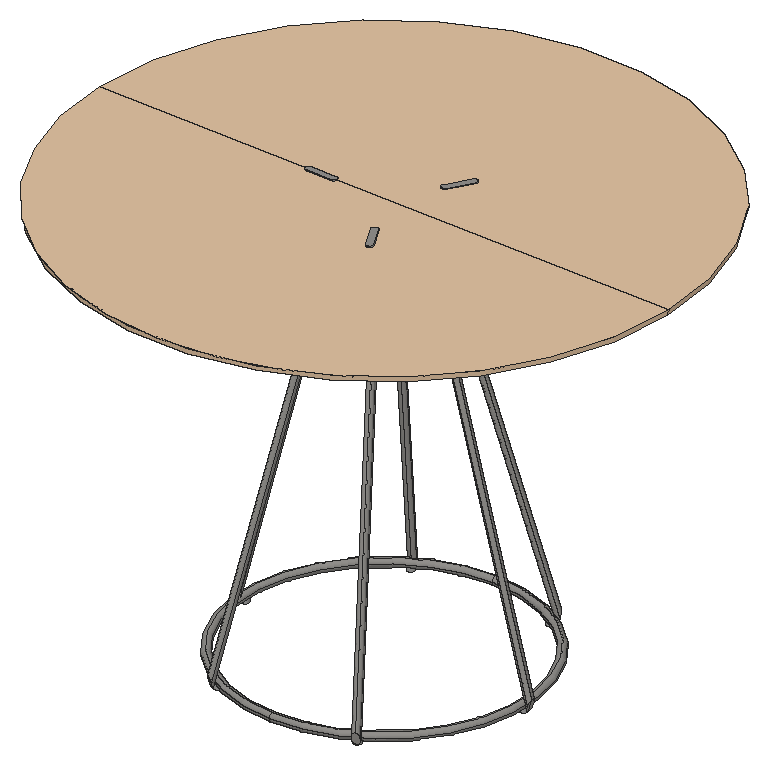
Revit family "Fu_Table_Sandler_Arc 90", category Furniture, Revit 2020
Family settings
  OmniClass Number = 23.40.20.00
  OmniClass Title = General Furniture and Specialties
  Work Plane-Based = No
  Always vertical = Yes
  Cut with Voids When Loaded = No
  Shared = No
  Room Calculation Point = No
Parameters (values of type "Arc 90")
  Width = 900 mm
  URL = "https://www.sandlerseating.com/product/arc-90/"
  Top [instance] = Wood - Oak - Natural - V
  Model = "Arc 90"
  Manufacturer = "Sandler"
  Height = 720 mm
  Frame [instance] = Lacquer - W2 - Rust Grey
  Description = "Round table with steel base and wood top in oak, walnut or lacquered finish. Top size 90 cm/36″ diameter, base spread 50 cm/20″ diameter."
  Depth = 900 mm
  Default Elevation = 0 mm
Reference planes
  plane 1 "Center (Front/Back)": y = 0
  plane 2: z = 0
  plane 3 "Center (Left/Right)": x = 0
  plane 4 "Right": x = -450
  plane 5 "Left": x = 450
  plane 6 "Back": y = 450
  plane 7 "Front": y = -450
  plane 8 "Height": z = 720
  plane 9 "Top Base": z = 696.838
  plane 10 "Base C FRONT": z = 13
Forms (mm)
  Revolve 1, solid, material "Wood - Oak - Natural - V" <- "Top"
    sketch origin (0, 0, 0) x (1, 0, 0) y (0, 0, 1)
      loop
        line (0, 720) -> (-500, 720) -> (-498.502, 711.622) -> (-476.346, 702.782) -> (-437.895, 696.838) -> (0, 696.838) -> (0, 720)
      axis (0, 720) -> (0, 696.838)
    angle from 0 to 360
  Extrusion 2, solid, material "Lacquer - W2 - Rust Grey" <- "Frame"
    sketch origin (0, 0, 696.838) x (-1, 0, 0) y (0, -1, 0)
      loop
        circle (0, 0) r 120
    from -6 to 0
  Extrusion 3, solid, material "Lacquer - W2 - Rust Grey" <- "Frame"
    sketch origin (0, 0, 696.838) x (-1, 0, 0) y (0, -1, 0)
      loop
        arc (132.178, -5.507) -> (137.685, 0) -> (132.178, 5.507) r 5.507
        line (132.178, 5.507) -> (89.123, 5.507)
        arc (89.123, 5.507) -> (83.616, 0) -> (89.123, -5.507) r 5.507
        line (89.123, -5.507) -> (132.178, -5.507)
    from 0 to 23.5
  Extrusion 4, solid, material "Lacquer - W2 - Rust Grey" <- "Frame"
    sketch origin (0, 0, 696.838) x (0.5, -0.866025, 0) y (0.866025, 0.5, 0)
      loop
        arc (132.178, -5.507) -> (137.685, 0) -> (132.178, 5.507) r 5.507
        line (132.178, 5.507) -> (89.123, 5.507)
        arc (89.123, 5.507) -> (83.616, 0) -> (89.123, -5.507) r 5.507
        line (89.123, -5.507) -> (132.178, -5.507)
    from 0 to 24
  Extrusion 5, solid, material "Lacquer - W2 - Rust Grey" <- "Frame"
    sketch origin (0, 0, 696.838) x (0.5, 0.866025, 0) y (-0.866025, 0.5, 0)
      loop
        arc (132.178, -5.507) -> (137.685, 0) -> (132.178, 5.507) r 5.507
        line (132.178, 5.507) -> (89.123, 5.507)
        arc (89.123, 5.507) -> (83.616, 0) -> (89.123, -5.507) r 5.507
        line (89.123, -5.507) -> (132.178, -5.507)
    from 0 to 23.5
  Sweep 6, solid, material "Lacquer - W2 - Rust Grey" <- "Frame"
    path origin (0, 0, 13) x (0, -1, 0) y (1, 0, 0)
      loop
        circle (0, 0) r 244.802
    profile "Pro_Circles : 14mm" origin (-244.802, 0, 13) x (-1, 0, 0) y (0, 0, 1)
      loop
        arc (-6.967, -1.933) -> (-4.994, -6.899) -> (-0.067, -8.967) r 6.901
        arc (-0.067, -8.967) -> (4.947, -6.947) -> (6.967, -1.933) r 6.902
        arc (6.967, -1.933) -> (4.899, 2.993) -> (-0.067, 4.967) r 6.901
        arc (-0.067, 4.967) -> (-4.946, 2.946) -> (-6.967, -1.933) r 6.9
  Sweep 7, solid, material "Lacquer - W2 - Rust Grey" <- "Frame"
    path origin (0, 0, 0) x (1, 0, 0) y (0, 0, 1)
      loop
        line (260.208, 0) -> (111.148, 537.607)
        arc (111.148, 537.607) -> (110.011, 543.132) -> (109.63, 548.76) r 41.743
        line (109.63, 548.76) -> (109.63, 693.76)
    profile "Pro_Circles : 12mm" origin (185.678, 0, 268.803) x (-0.963645, 0, -0.267186) y (0, -1, 0)
      loop
        arc (-5.967, 0.067) -> (-4.287, -4.192) -> (-0.067, -5.967) r 5.901
        arc (-0.067, -5.967) -> (4.24, -4.24) -> (5.967, 0.067) r 5.902
        arc (5.967, 0.067) -> (4.192, 4.286) -> (-0.067, 5.967) r 5.901
        arc (-0.067, 5.967) -> (-4.238, 4.238) -> (-5.967, 0.067) r 5.9
  Revolve 8, void
    sketch origin (0, 0, 0) x (1, 0, 0) y (0, 0, 1)
      loop
        line (260.156, 24.503) -> (254.541, 3.484) -> (252.558, 3.484) -> (252.558, -9.938) -> (268.678, -9.938) -> (268.678, 5.339) -> (260.156, 24.503)
      axis (0, 24.503) -> (0, -9.938)
    angle from 0 to 360
  Sweep 9, solid, material "Lacquer - W2 - Rust Grey" <- "Frame"
    path origin (0, 0, 0) x (-1, 0, 0) y (0, 0, 1)
      loop
        line (260.208, 0) -> (111.148, 537.607)
        arc (111.148, 537.607) -> (110.011, 543.132) -> (109.63, 548.76) r 41.743
        line (109.63, 548.76) -> (109.63, 693.76)
    profile "Pro_Circles : 12mm" origin (-185.678, 0, 268.803) x (-0.963645, 0, 0.267186) y (0, -1, 0)
      loop
        arc (5.967, 0.067) -> (4.238, 4.238) -> (0.067, 5.967) r 5.9
        arc (0.067, 5.967) -> (-4.192, 4.286) -> (-5.967, 0.067) r 5.901
        arc (-5.967, 0.067) -> (-4.24, -4.24) -> (0.067, -5.967) r 5.902
        arc (0.067, -5.967) -> (4.287, -4.192) -> (5.967, 0.067) r 5.901
  Sweep 10, solid, material "Lacquer - W2 - Rust Grey" <- "Frame"
    path origin (0, 0, 0) x (0.5, 0.866025, 0) y (0, 0, 1)
      loop
        line (260.208, 0) -> (111.148, 537.607)
        arc (111.148, 537.607) -> (110.011, 543.132) -> (109.63, 548.76) r 41.743
        line (109.63, 548.76) -> (109.63, 693.76)
    profile "Pro_Circles : 12mm" origin (92.839, 160.802, 268.803) x (-0.481822, -0.834541, -0.267186) y (0.866025, -0.5, 0)
      loop
        arc (-5.967, 0.067) -> (-4.287, -4.192) -> (-0.067, -5.967) r 5.901
        arc (-0.067, -5.967) -> (4.24, -4.24) -> (5.967, 0.067) r 5.902
        arc (5.967, 0.067) -> (4.192, 4.286) -> (-0.067, 5.967) r 5.901
        arc (-0.067, 5.967) -> (-4.238, 4.238) -> (-5.967, 0.067) r 5.9
  Sweep 11, solid, material "Lacquer - W2 - Rust Grey" <- "Frame"
    path origin (0, 0, 0) x (-0.5, -0.866025, 0) y (0, 0, -1)
      loop
        line (260.208, 0) -> (111.148, -537.607)
        arc (111.148, -537.607) -> (110.011, -543.132) -> (109.63, -548.76) r 41.743
        line (109.63, -548.76) -> (109.63, -693.76)
    profile "Pro_Circles : 12mm" origin (-92.839, -160.802, 268.803) x (-0.481822, -0.834541, 0.267186) y (0.866025, -0.5, 0)
      loop
        arc (5.967, 0.067) -> (4.238, 4.238) -> (0.067, 5.967) r 5.9
        arc (0.067, 5.967) -> (-4.192, 4.286) -> (-5.967, 0.067) r 5.901
        arc (-5.967, 0.067) -> (-4.24, -4.24) -> (0.067, -5.967) r 5.902
        arc (0.067, -5.967) -> (4.287, -4.192) -> (5.967, 0.067) r 5.901
  Extrusion 12, solid, material "Lacquer - W2 - Rust Grey" <- "Frame"
    sketch origin (-0.012, -0.01, 696.838) x (0.5, -0.866025, 0) y (0.866025, 0.5, 0)
      loop
        arc (132.178, -5.507) -> (137.685, 0) -> (132.178, 5.507) r 5.507
        line (132.178, 5.507) -> (89.123, 5.507)
        arc (89.123, 5.507) -> (83.616, 0) -> (89.123, -5.507) r 5.507
        line (89.123, -5.507) -> (132.178, -5.507)
    from 0 to 23.5
  Sweep 13, solid, material "Lacquer - W2 - Rust Grey" <- "Frame"
    path origin (-0.012, -0.01, 0) x (-0.5, 0.866025, 0) y (0, 0, 1)
      loop
        line (260.208, 0) -> (111.148, 537.607)
        arc (111.148, 537.607) -> (110.011, 543.132) -> (109.63, 548.76) r 41.743
        line (109.63, 548.76) -> (109.63, 693.76)
    profile "Pro_Circles : 12mm" origin (-92.85, 160.791, 268.803) x (0.481822, -0.834541, -0.267186) y (0.866025, 0.5, 0)
      loop
        arc (-5.967, 0.067) -> (-4.287, -4.192) -> (-0.067, -5.967) r 5.901
        arc (-0.067, -5.967) -> (4.24, -4.24) -> (5.967, 0.067) r 5.902
        arc (5.967, 0.067) -> (4.192, 4.286) -> (-0.067, 5.967) r 5.901
        arc (-0.067, 5.967) -> (-4.238, 4.238) -> (-5.967, 0.067) r 5.9
  Sweep 14, solid, material "Lacquer - W2 - Rust Grey" <- "Frame"
    path origin (-0.012, -0.01, 0) x (0.5, -0.866025, 0) y (0, 0, -1)
      loop
        line (260.208, 0) -> (111.148, -537.607)
        arc (111.148, -537.607) -> (110.011, -543.132) -> (109.63, -548.76) r 41.743
        line (109.63, -548.76) -> (109.63, -693.76)
    profile "Pro_Circles : 12mm" origin (92.827, -160.812, 268.803) x (0.481822, -0.834541, 0.267186) y (0.866025, 0.5, 0)
      loop
        arc (5.967, 0.067) -> (4.238, 4.238) -> (0.067, 5.967) r 5.9
        arc (0.067, 5.967) -> (-4.192, 4.286) -> (-5.967, 0.067) r 5.901
        arc (-5.967, 0.067) -> (-4.24, -4.24) -> (0.067, -5.967) r 5.902
        arc (0.067, -5.967) -> (4.287, -4.192) -> (5.967, 0.067) r 5.901
  Extrusion 15, solid, material "Rubber, Black"
    sketch origin (0, 0, 0) x (0.866025, 0.5, 0) y (-0.5, 0.866025, 0)
      loop
        circle (0, -244.735) r 6.5
    from 0 to 8
  Extrusion 16, solid, material "Rubber, Black"
    sketch origin (0, 0, 0) x (0.866025, 0.5, 0) y (-0.5, 0.866025, 0)
      loop
        circle (0, 244.735) r 6.5
    from 0 to 8
  Extrusion 17, solid, material "Rubber, Black"
    sketch origin (0, 0, 0) x (0, 1, 0) y (-1, 0, 0)
      loop
        circle (0, -244.735) r 6.5
    from 0 to 8
  Extrusion 18, solid, material "Rubber, Black"
    sketch origin (0, 0, 0) x (0, 1, 0) y (-1, 0, 0)
      loop
        circle (0, 244.735) r 6.5
    from 0 to 8
  Extrusion 19, solid, material "Rubber, Black"
    sketch origin (0, 0, 0) x (-0.866025, 0.5, 0) y (-0.5, -0.866025, 0)
      loop
        circle (0, -244.735) r 6.5
    from 0 to 8
  Extrusion 20, solid, material "Rubber, Black"
    sketch origin (0, 0, 0) x (-0.866025, 0.5, 0) y (-0.5, -0.866025, 0)
      loop
        circle (0, 244.735) r 6.5
    from 0 to 8
Cuts and joins
  Revolve 8 cuts Sweep 7
  Revolve 8 cuts Sweep 9
  Revolve 8 cuts Sweep 10
  Revolve 8 cuts Sweep 11
  Revolve 8 cuts Sweep 13
  Revolve 8 cuts Sweep 14
Dimensions and locks
  equal spacing: plane 4 "Right", plane 3 "Center (Left/Right)", plane 5 "Left"
  "Width": plane 4 "Right" to plane 5 "Left"
  equal spacing: plane 6 "Back", plane 1 "Center (Front/Back)", plane 7 "Front"
  "Depth": plane 6 "Back" to plane 7 "Front"
  "Height": plane 8 "Height" to level
  plane 8 "Height" to plane 9 "Top Base" = 23.162 mm
  aligned and locked: level to plane 2
Automatic sketch dimensions
  plane 4 "Right" to Revolve 1 sketch curve = 50 mm
  Revolve 1 sketch curve to plane 9 "Top Base" = 0 mm
  Revolve 1 sketch curve to plane 3 "Center (Left/Right)" = 0 mm  (x2)
  Revolve 1 sketch curve to plane 8 "Height" = 0 mm
  plane 4 "Right" to Revolve 1 sketch curve = 48.502 mm
  plane 9 "Top Base" to Revolve 1 sketch curve = 5.944 mm
  plane 4 "Right" to Revolve 1 sketch curve = 26.346 mm
  Revolve 1 sketch curve to Revolve 1 sketch curve = 38.451 mm
  Revolve 1 sketch curve to plane 8 "Height" = 8.378 mm
  Revolve 1 sketch curve to plane 9 "Top Base" = 31.838 mm
  Revolve 1 sketch curve to Revolve 1 sketch curve = 65 mm
  plane 1 "Center (Front/Back)" to Extrusion 2 sketch curve = 0 mm
  Extrusion 2 sketch curve to plane 3 "Center (Left/Right)" = 0 mm
  plane 1 "Center (Front/Back)" to Extrusion 3 sketch curve = 0 mm
  Extrusion 3 sketch curve to plane 1 "Center (Front/Back)" = 5.507 mm
  Extrusion 3 sketch curve to plane 3 "Center (Left/Right)" = 89.123 mm
  Extrusion 3 sketch curve to Extrusion 3 sketch curve = 43.055 mm
  plane 3 "Center (Left/Right)" to Extrusion 4 sketch curve = 39.792 mm
  plane 1 "Center (Front/Back)" to Extrusion 4 sketch curve = 79.936 mm
  Extrusion 4 sketch curve to Extrusion 4 sketch curve = 43.055 mm
  Extrusion 4 sketch curve to Extrusion 4 sketch curve = 5.507 mm
  plane 3 "Center (Left/Right)" to Extrusion 5 sketch curve = 49.331 mm
  Extrusion 5 sketch curve to plane 1 "Center (Front/Back)" = 74.429 mm
  Extrusion 5 sketch curve to Extrusion 5 sketch curve = 43.055 mm
  Extrusion 5 sketch curve to Extrusion 5 sketch curve = 5.507 mm
  plane 1 "Center (Front/Back)" to Sweep 6 sketch curve = 0 mm
  Sweep 6 sketch curve to plane 3 "Center (Left/Right)" = 0 mm
  Sweep 7 sketch curve to level = 0 mm
  plane 3 "Center (Left/Right)" to Sweep 7 sketch curve = 109.63 mm
  Sweep 7 sketch curve to Sweep 7 sketch curve = 1.518 mm
  Sweep 7 sketch curve to Sweep 7 sketch curve = 41.743 mm
  Sweep 7 sketch curve to plane 9 "Top Base" = 159.231 mm
  plane 5 "Left" to Sweep 7 sketch curve = 189.792 mm
  Sweep 7 sketch curve to plane 9 "Top Base" = 3.078 mm
  Revolve 8 sketch curve to plane 3 "Center (Left/Right)" = 0 mm
  Revolve 8 sketch curve to level = 9.938 mm
  plane 5 "Left" to Revolve 8 sketch curve = 197.442 mm
  level to Revolve 8 sketch curve = 3.484 mm
  Revolve 8 sketch curve to Revolve 8 sketch curve = 1.983 mm
  Revolve 8 sketch curve to plane 10 "Base C FRONT" = 11.503 mm
  Revolve 8 sketch curve to Revolve 8 sketch curve = 5.615 mm
  Revolve 8 sketch curve to Revolve 8 sketch curve = 16.12 mm
  level to Revolve 8 sketch curve = 5.339 mm
  Revolve 8 sketch curve to level = 48.845 mm
  Revolve 8 sketch curve to plane 10 "Base C FRONT" = 114.155 mm
  Sweep 9 sketch curve to level = 0 mm
  plane 3 "Center (Left/Right)" to Sweep 9 sketch curve = 109.63 mm
  Sweep 9 sketch curve to Sweep 9 sketch curve = 1.518 mm
  Sweep 9 sketch curve to Sweep 9 sketch curve = 41.743 mm
  plane 9 "Top Base" to Sweep 9 sketch curve = 159.231 mm
  plane 4 "Right" to Sweep 9 sketch curve = 189.792 mm
  plane 9 "Top Base" to Sweep 9 sketch curve = 3.078 mm
  Sweep 10 sketch curve to level = 0 mm
  Sweep 10 sketch curve to plane 9 "Top Base" = 148.078 mm
  Sweep 10 sketch curve to plane 9 "Top Base" = 159.231 mm
  Sweep 10 sketch curve to Sweep 10 sketch curve = 1.518 mm
  Sweep 10 sketch curve to Sweep 10 sketch curve = 149.06 mm
  Sweep 10 sketch curve to plane 9 "Top Base" = 3.078 mm
  Sweep 11 sketch curve to level = 0 mm
  Sweep 11 sketch curve to plane 9 "Top Base" = 148.078 mm
  Sweep 11 sketch curve to plane 9 "Top Base" = 159.231 mm
  Sweep 11 sketch curve to Sweep 11 sketch curve = 1.518 mm
  Sweep 11 sketch curve to Sweep 11 sketch curve = 149.06 mm
  Sweep 11 sketch curve to plane 9 "Top Base" = 3.078 mm
  plane 3 "Center (Left/Right)" to Extrusion 12 sketch curve = 39.781 mm
  plane 1 "Center (Front/Back)" to Extrusion 12 sketch curve = 79.947 mm
  Extrusion 12 sketch curve to Extrusion 12 sketch curve = 43.055 mm
  Extrusion 12 sketch curve to Extrusion 12 sketch curve = 5.507 mm
  level to Sweep 13 sketch curve = 0 mm
  Sweep 13 sketch curve to plane 9 "Top Base" = 148.078 mm
  Sweep 13 sketch curve to plane 9 "Top Base" = 159.231 mm
  Sweep 13 sketch curve to Sweep 13 sketch curve = 1.518 mm
  Sweep 13 sketch curve to Sweep 13 sketch curve = 149.06 mm
  Sweep 13 sketch curve to plane 9 "Top Base" = 3.078 mm
  level to Sweep 14 sketch curve = 0 mm
  Sweep 14 sketch curve to plane 9 "Top Base" = 148.078 mm
  Sweep 14 sketch curve to plane 9 "Top Base" = 159.231 mm
  Sweep 14 sketch curve to Sweep 14 sketch curve = 1.518 mm
  Sweep 14 sketch curve to Sweep 14 sketch curve = 149.06 mm
  Sweep 14 sketch curve to plane 9 "Top Base" = 3.078 mm
  plane 3 "Center (Left/Right)" to Extrusion 15 sketch curve = 122.368 mm
  plane 1 "Center (Front/Back)" to Extrusion 15 sketch curve = 211.947 mm
  plane 3 "Center (Left/Right)" to Extrusion 16 sketch curve = 122.368 mm
  plane 1 "Center (Front/Back)" to Extrusion 16 sketch curve = 211.947 mm
  plane 1 "Center (Front/Back)" to Extrusion 17 sketch curve = 0 mm
  plane 5 "Left" to Extrusion 17 sketch curve = 205.265 mm
  plane 1 "Center (Front/Back)" to Extrusion 18 sketch curve = 0 mm
  Extrusion 18 sketch curve to plane 4 "Right" = 205.265 mm
  plane 3 "Center (Left/Right)" to Extrusion 19 sketch curve = 122.368 mm
  Extrusion 19 sketch curve to plane 1 "Center (Front/Back)" = 211.947 mm
  Extrusion 20 sketch curve to plane 3 "Center (Left/Right)" = 122.368 mm
  plane 1 "Center (Front/Back)" to Extrusion 20 sketch curve = 211.947 mm
  radius of Extrusion 2 sketch curve = 120 mm
  radius of Sweep 6 sketch curve = 244.802 mm
  radius of Extrusion 15 sketch curve = 6.5 mm
  radius of Extrusion 16 sketch curve = 6.5 mm
  radius of Extrusion 17 sketch curve = 6.5 mm
  radius of Extrusion 18 sketch curve = 6.5 mm
  radius of Extrusion 19 sketch curve = 6.5 mm
  radius of Extrusion 20 sketch curve = 6.5 mm
